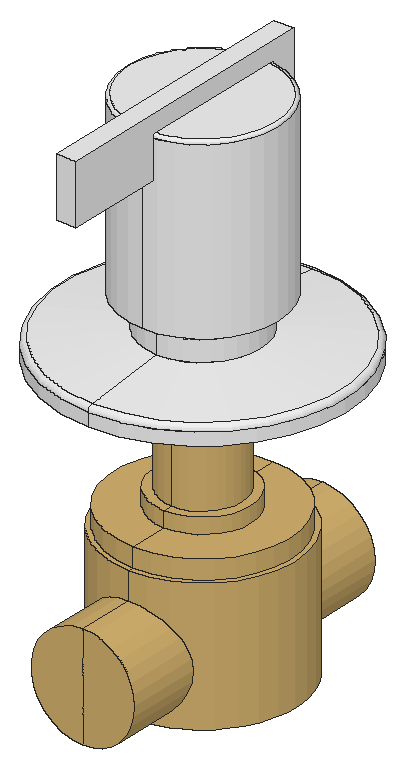
Revit family "Diverter-American_Standard-Boulevard-T431_Series", category Plumbing Fixtures, host Face, Revit 2015
Parameters (values of type "T431.430.002")
  Width = 2 3/4"  # constant formula
  URL = "https://americanstandard.ca/"
  Type Comments = ""
  Tempered Water Connection Radius = 1/4"
  Tempered Water Connection Diameter = Tempered Water Connection Radius * 2  # 1/2"
  Product Page URL = "https://americanstandard.ca/bathroom/shower-faucets/boulevard-shower-diverter-valve-trim-kit-53050?variant=polished-chrome"
  Product Documentation Link = "https://americanstandard.ca/-/media/sites/asus/files/product-specs/bulk/specsheett430700.pdf?la=en"
  Price = "Prices may vary. Please consult Manufacturer Representative for most up-to-date price list."  # constant formula
  Model = "T431.430.002"
  Material = "Brass-American Standard-002-Chrome"
  Manufacturer = "American Standard"
  Length = 3 7/8"  # constant formula
  Installation Type = "Wall Mounted"  # constant formula
  Hot Water Connection Radius = Hot Water Connection Diameter / 2  # 1/4"
  Hot Water Connection Diameter = 1/2"
  Height = 3"  # constant formula
  HW Connection = yes
  Finish = Brass-American Standard-002-Chrome
  Description = "Boulevard Diverter Valve Trim Kit"  # constant formula
  Default Elevation = 48"  # constant formula
  Creation Date = "01/13/2020"  # constant formula
  Cold Water Connection Radius = Cold Water Connection Diameter / 2  # 1/4"
  Cold Water Connection Diameter = 1/2"
  CW Connection = yes
  Assembly Code = "D2020300"
Types (3): name | Model | Material | Finish
  (no name) | "T431.430.002" | "Brass-American Standard-002-Chrome" | Brass-American Standard-002-Chrome
  T431.430.002 | "T431.430.002" | "Brass-American Standard-002-Chrome" | Brass-American Standard-002-Chrome
  T431.430.295 | "T431.430.295" | "Brass-American Standard-295-Brushed Nickel" | Brass-American Standard-295-Brushed Nickel
Reference planes (in)
  plane 1 "Center (Front/Back)": y = 0
  plane 2: z = -1.95369
  plane 3 "Center (Left/Right)": x = 0
  plane 4 "Inside Wall Reference": z = -2.21297
  plane 5: x = -0.22718
  plane 6: x = 0.22718
  plane 7: y = -0.22718
  plane 8: y = 0.22718
  plane 9: x = -1.15625
  plane 10: x = 1.15625
  plane 11: z = 0.17334
  plane 12: x = 0.32813
  plane 13: x = -0.32812
Forms (in)
  Extrusion 1, solid, detail levels coarse
    sketch origin (0, 0, 0) x (1, 0, 0) y (0, 1, 0)
      loop
        line (-0.22718, 0.22718) -> (-0.22718, -0.22718) -> (0.22718, -0.22718) -> (0.22718, 0.22718) -> (-0.22718, 0.22718)
    from -1.95369 to -2.21297
  Revolve 2, solid, material "Brass-American Standard-Cast"
    sketch origin (0, 0.33413, 0) x (0, 1, 0) y (0, 0, 1)
      loop
        line (1.10337, -2.21297) -> (-1.77163, -2.21297) -> (-1.77163, -2.71297) -> (1.10337, -2.71297) -> (1.10337, -2.21297)
      axis (-1.77163, -2.21297) -> (1.10337, -2.21297)
    angle from 0 to 360
  Revolve 3, solid, material "Brass-American Standard-Cast"
    sketch origin (0, 0.33413, 0) x (0, 1, 0) y (0, 0, 1)
      loop
        line (-0.33413, -1.71297) -> (-0.33413, -2.71297) -> (0.55649, -2.71297) -> (0.55649, -1.45186) -> (0.50543, -1.45186) -> (0.50543, -1.27126) -> (0.12892, -1.27126) -> (0.12892, -1.12227) -> (0.03894, -1.12227) -> (0.03894, -0.41228) -> (0.10412, -0.41228) -> (0.10412, 0) -> (-0.33413, 0) -> (-0.33413, -1.71297)
      axis (-0.33413, -2.71297) -> (-0.33413, 0)
    angle from 0 to 360
  Revolve 4, solid, material "Brass-American Standard-002-Chrome" <- "Finish"
    sketch origin (0, 0, 0) x (0, 1, 0) y (0, 0, 1)
      loop
        line (0, 0) -> (1.375, 0) -> (1.375, 0.12356)
        arc (1.375, 0.12356) -> (1.3608, 0.16056) -> (1.32549, 0.17855) r 0.05529
        line (1.32549, 0.17855) -> (0.55213, 0.25983) -> (0.55213, 0.45726)
        arc (0.55213, 0.45726) -> (0.54049, 0.48534) -> (0.51241, 0.49697) r 0.03971
        line (0.51241, 0.49697) -> (0.47811, 0.49697) -> (0.47811, 0.56369) -> (0.72811, 0.56369) -> (0.72811, 2.2342)
        arc (0.72811, 2.2342) -> (0.71949, 2.25501) -> (0.69868, 2.26363) r 0.02943
        line (0.69868, 2.26363) -> (0, 2.26363) -> (0, 0)
      axis (0, 2.26363) -> (0, 0)
    angle from 0 to 360
  Extrusion 5, solid, material "Brass-American Standard-002-Chrome" <- "Finish"
    sketch origin (0, 0, 0) x (0, 1, 0) y (0, 0, 1)
      loop
        line (0.97439, 2.43569) -> (-1.6422, 2.43569) -> (-1.6422, 1.86527) -> (0.97439, 1.86527) -> (0.97439, 2.43569)
    from -0.0938 to 0.0938
Cuts and joins
  joined: Revolve 2, Revolve 3
  joined: Revolve 4, Extrusion 5
Dimensions and locks (in)
  equal spacing: plane 9, plane 3 "Center (Left/Right)", plane 10
  locked: plane 9 to plane 10 at 2.3125
  equal spacing: plane 13, plane 3 "Center (Left/Right)", plane 12
  locked: plane 12 to plane 13 at 0.65625
  equal spacing: Extrusion 5, plane 3 "Center (Left/Right)", Extrusion 5
  aligned and locked: plane 2 to Extrusion 1
  aligned and locked: Extrusion 1 to plane 4 "Inside Wall Reference"
Automatic sketch dimensions
  Extrusion 1 sketch curve to Extrusion 1 sketch curve = 0.45436"  (x2)
  Revolve 2 sketch curve to plane 4 "Inside Wall Reference" = 0"  (x2)
  Revolve 2 sketch curve to Revolve 2 sketch curve = 1/2"
  Revolve 2 sketch curve to Revolve 2 sketch curve = 0"
  Revolve 2 sketch curve to Revolve 2 sketch curve = 0.42071"
  Revolve 3 sketch curve to plane 1 "Center (Front/Back)" = 0"  (x2)
  Revolve 3 sketch curve to level = 0"
  Revolve 3 sketch curve to plane 8 = 0.14589"
  Revolve 3 sketch curve to plane 8 = 0.21107"
  Revolve 3 sketch curve to Revolve 3 sketch curve = 0.08997"
  Revolve 3 sketch curve to Revolve 3 sketch curve = 0.05107"
  Revolve 3 sketch curve to level = 0.41228"
  Revolve 3 sketch curve to Revolve 3 sketch curve = 0.70999"
  Revolve 3 sketch curve to Revolve 3 sketch curve = 0.14899"
  Revolve 3 sketch curve to Revolve 3 sketch curve = 0.1806"
  plane 2 to Revolve 3 sketch curve = 0.24072"
  Revolve 3 sketch curve to plane 4 "Inside Wall Reference" = 1/2"
  Revolve 3 sketch curve to Revolve 3 sketch curve = 0.04272"
  Revolve 3 sketch curve to Revolve 3 sketch curve = 0.15793"
  Revolve 2 sketch curve to plane 7 = 1.21032"
  Revolve 2 sketch curve to plane 8 = 1.21032"
  Revolve 3 sketch curve to Revolve 3 sketch curve = 0.37651"
  Revolve 4 sketch curve to level = 0"
  Revolve 4 sketch curve to plane 1 "Center (Front/Back)" = 0"  (x2)
  Revolve 4 sketch curve to plane 8 = 0.25093"
  Revolve 4 sketch curve to Revolve 4 sketch curve = 0.0343"
  plane 11 to Revolve 4 sketch curve = 0.08649"
  Revolve 4 sketch curve to Revolve 4 sketch curve = 0.03971"
  Revolve 4 sketch curve to plane 8 = 0.4715"
  Revolve 4 sketch curve to Revolve 4 sketch curve = 0.17598"
  Revolve 4 sketch curve to plane 11 = 0.04978"
  Revolve 4 sketch curve to Revolve 4 sketch curve = 0.59161"
  plane 11 to Revolve 4 sketch curve = 0.0052"
  Revolve 4 sketch curve to Revolve 4 sketch curve = 0.00578"
  Revolve 4 sketch curve to Revolve 4 sketch curve = 0.19743"
  Revolve 4 sketch curve to Revolve 4 sketch curve = 0.06672"
  Revolve 4 sketch curve to Revolve 4 sketch curve = 1.67051"
  Revolve 4 sketch curve to Revolve 4 sketch curve = 2.44831"
  Revolve 4 sketch curve to Revolve 4 sketch curve = 1/2"
  Extrusion 5 sketch curve to plane 7 = 1.41502"
  Extrusion 5 sketch curve to plane 8 = 0.74721"
  plane 11 to Extrusion 5 sketch curve = 1.69193"
  Extrusion 5 sketch curve to Extrusion 5 sketch curve = 0.57042"
Connectors (in)
  piping at (0, -1.4375, -2.21297), diameter 0.5, driven by "Tempered Water Connection Radius"
    settings: on Revolve 2, index 5, connector inside diameter 1/2", connector length 0", flow factor 0, pipe flow 0 GPM, pressure drop 0.00 psi, fitting loss kfactor 0, connector angle 0.00°, fixture units 0, engagement length 0", angle of deflection 0.00°, flow configuration 0, flow direction 2, fitting loss method 0, system type 29, joint type 0, gender type 0, connector reference index -1, connector utility 0, adjustable connector no, is connector primary yes, connector description "1/2\" NPT Tub Port Outlet"
  piping at (0, 1.4375, -2.21297), diameter 0.5, driven by "Tempered Water Connection Radius"
    settings: on cut or joined group of Revolve 2, Revolve 3, index 6, connector inside diameter 24", connector length 0", flow factor 0, pipe flow 0 GPM, pressure drop 0.00 psi, fitting loss kfactor 0, connector angle 0.00°, fixture units 0, engagement length 0", angle of deflection 0.00°, flow configuration 0, flow direction 2, fitting loss method 0, system type 29, joint type 0, gender type 0, connector reference index -1, connector utility 0, adjustable connector no, is connector primary no, connector description "1/2\" NPT Port Outlet"
